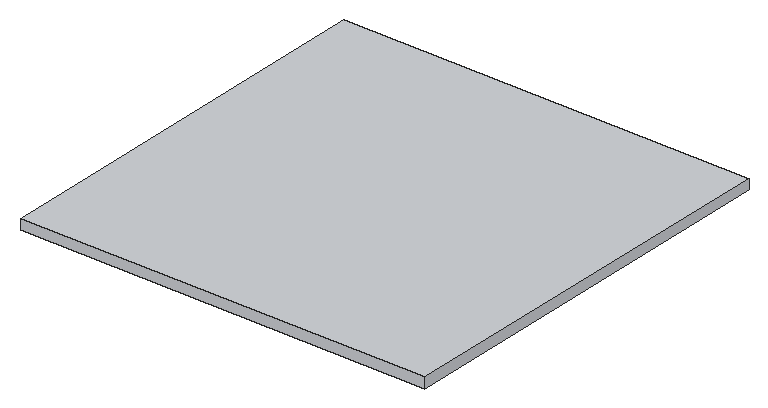
Revit family "8641000", category Aparatos sanitarios, Revit 2017
Family settings
  Anfitrión = Cara
  Cota de conector redondo = Diámetro de uso
  Tipo de pieza = Normal
  Número OmniClass = 23.45.55.14
  Título OmniClass = Single Faucets
  Corte con vacíos al cargar = No
  Compartido = No
  Punto de cálculo de habitación = No
Parameters (values of type "8641000")
  URL = "http://www.griferiasgalindo.com/bano-ducha/theo/grifo-bano-ducha-theo?c=es"
  Teléfono = "(+34) 915 782 575"
  TIPO DE AGUA = "Fria/Caliente"
  REFERENCIA = "8641000"
  Presión Máxima = "8 bar"
  PESO BRUTO = "4.52 Kg"
  Modelo = "GRUPO BAÑO-DUCHA con accesorios"
  Material = LATON CROMADO
  Imagen de tipo = <Ninguno>
  Fabricante = "PRESTO IBÉRICA"
  Default Elevation = 1219.2 mm
  ENTRADA = "Hembra 3/4\""
  Descripción = "Grupo baño-ducha con accesorios"
  Código de montaje = "C1030220"
  Contacto = "info@prestoiberica.com"
  Conexión AF = yes
  Conexión AC = yes
  Comentarios de tipo = "Cartucho sellado mezclador con discos cerámicos de Ø 35 mm.  Entradas hembra de 3/4\" con excéntricas y embellecedor."
  CIERRE = "Manual"
  CAUDAL = ""
  Accionamiento = "Mediante maneta"
Reference planes
  plane 1 "Centro (Frontal/Posterior)": y = 0
  plane 2: z = 0
  plane 3 "Centro (Izquierda/Derecha)": x = 0
Forms (mm)
  Extrusion 1, solid
    sketch origin (0, 0, 0) x (1, 0, 0) y (0, 1, 0)
      loop
        line (-100, 100) -> (-100, -100) -> (100, -100) -> (100, 100) -> (-100, 100)
    from 0 to -5
Dimensions and locks
  Extrusion 1 sketch curve to plane 1 "Centro (Frontal/Posterior)" = 100 mm
  aligned and locked: plane 2 to Extrusion 1
  aligned and locked: level to Extrusion 1
Connectors
  piping at (-74, -12, -19.8), diameter 19.1
    settings: on import instance, index 1, connector inside diameter 609.6 mm, connector length 0 mm, flow factor 0, pipe flow 0.0 L/s, pressure drop 0.0 Pa, fitting loss kfactor 0, connector angle 0.00°, fixture units 0, engagement length 0 mm, angle of deflection 0.00°, flow configuration 0, flow direction 1, fitting loss method 0, system type 19, joint type 0, gender type 0, connector reference index -1, connector utility 0, adjustable connector no, is connector primary yes, connector description ""
  piping at (75.7, -12, -19.8), diameter 19.1
    settings: on import instance, index 2, connector inside diameter 609.6 mm, connector length 0 mm, flow factor 0, pipe flow 0.0 L/s, pressure drop 0.0 Pa, fitting loss kfactor 0, connector angle 0.00°, fixture units 0, engagement length 0 mm, angle of deflection 0.00°, flow configuration 0, flow direction 1, fitting loss method 0, system type 20, joint type 0, gender type 0, connector reference index -1, connector utility 0, adjustable connector no, is connector primary no, connector description ""
